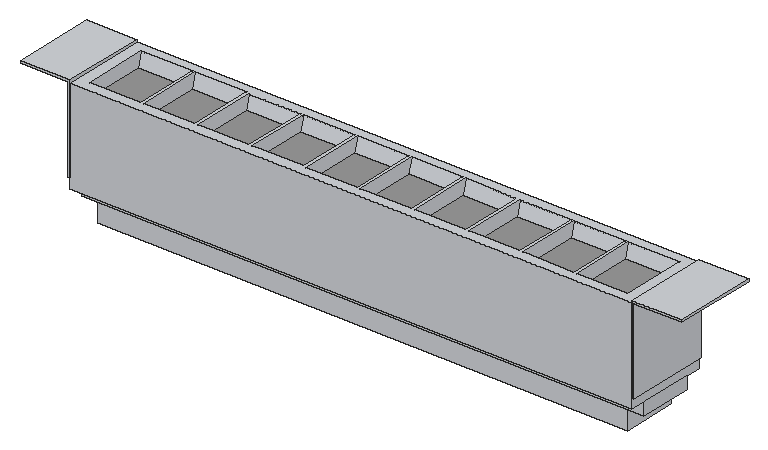
Revit family "2061199 Sylvania Lighting Fixture DOMINO 10xLED 940 BLACK MB TRIMLESS WHITE", category Lighting Fixtures, host Face, Revit 2018
Family settings
  Host = Face
  Round Connector Dimension = Use Diameter
  Part Type = Normal
  OmniClass Number = 23.80.70.00
  OmniClass Title = Lighting
  Cut with Voids When Loaded = No
  Light Source = Yes
  Shared = No
  Room Calculation Point = No
Parameters (values of type "2061199 DOMINO 10XLED 940 BLACK MB TS WHT ")
  top top width = 15.812 mm
  top top length = 255 mm
  Width = 50 mm
  Weight = "n/a"
  Wattage Comments = ""
  Wattage = 9.2903 W
  WarrantyStartDate [instance] = "n/a"
  WarrantyGuarantorParts = "n/a"
  WarrantyDurationUnit = "n/a"
  WarrantyDurationParts = ""
  WarrantyDescription = "http://www.sylvania-lighting.com"
  built-in parameter 1150110 = 1 (stored number, unit not read)
  Voltage = 0 V
  URL = "0.95"
  TypeName = "DOMINO 10xLED 940 BLACK MB TRIMLESS WHITE"
  Type Image = <None>
  Type Comments = "n/a"
  built-in parameter 1114217 = 1 (stored number, unit not read)
  Top Width = 26 mm
  Tilt Angle = 90.00°
  built-in parameter 1150109 = 1 (stored number, unit not read)
  built-in parameter 1150134 = 3
  built-in parameter 1150113 = 1 (stored number, unit not read)
  SerialNumber [instance] = "n/a"
  Recessed Width = 43 mm
  Recessed Length = 276 mm
  Photometric Web File = "2061199.ies"
  Material_3_FEILO = none
  PowerFactor = 0
  PowerConsumption = "Lighting"
  NominalLength = 41 mm
  NominalHeight = 0 mm
  NominalDepth = 0 mm
  Name = "DOMINO 10xLED 940 BLACK MB TRIMLESS WHITE"
  ModelReference = Name  # "DOMINO 10xLED 940 BLACK MB TRIMLESS WHITE"
  ModelNumber = "2061199"
  Model = Name  # "DOMINO 10xLED 940 BLACK MB TRIMLESS WHITE"
  Material = "Feilo Sylvania"
  ManufacturerName = "67 lm/W"
  Manufacturer = ""
  LuminousEfficacy = ""
  built-in parameter 1150105 = 109.82 (stored number, unit not read)
  Lumens = 1380 lm
  LuminaireType = "0"
  built-in parameter 1150115 = 1 (stored number, unit not read)
  LightOutputRatio = "LED"
  built-in parameter 1150137 = (empty or 0)
  built-in parameter 1150139 = (empty or 0)
  Lens inside recess = 25 mm
  Lens Width = 32 mm
  Lens Outside recess = 31.978 mm
  Lens = Glass, White, High Luminance
  Length = 280 mm
  LampsType = Lamp  # "n/a"
  LampNominalLuminous = "4000 K"
  LampMacAdamStep = "90"
  LampColourTemperature = "LED"
  LampColourRenderingIndex = "16500"
  built-in parameter 1150112 = 1 (stored number, unit not read)
  built-in parameter 1150114 = 1 (stored number, unit not read)
  Lamp = "n/a"
  Keynote = "n/a"
  InstallationDate [instance] = "n/a"
  InputVoltage = "0"
  InputNominalFrequency = "4000"
  built-in parameter 1150132 = (empty or 0)
  built-in parameter 1150102 = (empty or 0)
  built-in parameter 1150107 = 3200 (stored number, unit not read)
  built-in parameter 1150138 = (empty or 0)
  IngressProtection = "IfcLightFixtureType"
  ImpactProtectionIndex = "IfcLightFixtureType"
  built-in parameter 1150106 = 1.0982 (stored number, unit not read)
  IfcExportType = "IfcLightFixtureType"
  IfcExportAs = "Class II"
  Facia internal width = 37 mm
  Facia internal length = 268 mm
  Facia Height = 2 mm
  ExpectedLife = 50000
  Emit from Circle Diameter = 609.6 mm
  Emit Shape Visible in Rendering = no
  ElectricShockClassification = "67"
  built-in parameter 1150104 = 13.8 (stored number, unit not read)
  DurationUnit = "hours"
  DocumentationLiterature = "http://www.sylvania-lighting.com/product/en-int/products/2061199"
  DimmingControlOptions = "n/a"
  Material_2_FEILO = none
  Dimming Lamp Color Temperature Shift = <None>
  Description = "Modular LED recessed linear spotlight, ideal for retail and hospitality applications. Die-cast aluminium body, passive cooling. Two levels of reflector installation, low glaring UGR<16. 10x LED source, 30° beam angle , optics: PMMA lens and polycarbonate reflector combination, Black matt reflector finish. Light color temperature: 4000K neutral white, total system power: 23W , total fixture lumen output: 1525lm, efficacy: 67 lm/W, Ra90 typical, LED chromacity: 3 step MacAdam ellipse (SDCM3), lifespan: 96,000 hours at 90% of the original output (L90B10), IR/UV free light source without heat radiation, operating voltage: 220-240V / 50-60Hz, electronic driver, ultra low flicker, non-dimmable , electrical protection: Class II. Degree of Protection: IP40/IP20, suitable for indoor environment only. Ceiling cut-out: 42x42mm, outer dimensions:  272x41mm , trimless frame RAL 9016 - Traffic white / Bezel color.5 years Warranty."
  Default Elevation = 1219.2 mm
  CreatedOn = "11/02/2021"
  CreatedBy = "@sylvania-lighting.com"
  Cost = 0
  Color Filter = 16777215
  built-in parameter 1114216 [instance] = (empty or 0)
  ClassificationValue = "EF_70_80"
  ClassificationName = "Uniclass2015"
  Material_1_FEILO = none
  Body Width = 40 mm
  Body Length = 270 mm
  BarCode [instance] = "n/a"
  built-in parameter 1114218 = 1 (stored number, unit not read)
  built-in parameter 1150133 = 10 (stored number, unit not read)
  AssetType = "Fixed"
  AssetIdentifier [instance] = "n/a"
  Assembly Code = "D5020200"
  Apparent Load = 23 VA
  Material_4_FEILO = none
Reference planes
  plane 1 "Center (Front/Back)": y = 0
  plane 2: z = 0
  plane 3 "Center (Left/Right)": x = 0
  plane 4: z = 0
  plane 5: z = -7
  plane 6: z = -45.895
  plane 7: z = -51.895
  plane 8: z = -60.895
  plane 9: x = -138
  plane 10: x = 138
  plane 11: y = 21.5
  plane 12: y = -21.5
  plane 13: x = -140
  plane 14: x = 140
  plane 15: y = 25
  plane 16: y = -25
  plane 17: x = 134
  plane 18: x = -134
  plane 19: y = 18.5
  plane 20: y = -18.5
  plane 21: z = 2
  plane 22: x = -135
  plane 23: x = 135
  plane 24: y = 20
  plane 25: y = -20
  plane 26: y = 13
  plane 27: y = -13
  plane 28: x = 127.5
  plane 29: x = -127.5
  plane 30: x = -132
  plane 31: y = 16.5
  plane 32: y = -16.472
  plane 33: y = 13
  plane 34: y = -12.972
  plane 35: x = 129.7
  plane 36: x = 127.224
  plane 37: x = -136
  plane 38: z = 1
  plane 39: x = -159
  plane 40: z = -41
  plane 41: x = 159
  plane 42: x = 136
Forms (mm)
  Extrusion 1, solid, not visible, detail levels medium+fine
    sketch origin (4.2, 0, 0) x (1, 0, 0) y (0, 1, 0)
      loop
        line (-29.2, 34.5) -> (-29.2, -34.5) -> (20.8, -34.5) -> (20.8, 34.5) -> (-29.2, 34.5)
    from 0 to 1
  Extrusion 2, solid, not visible, detail levels medium+fine
    sketch origin (4.044, 0, 0) x (1, 0, 0) y (0, 1, 0)
      loop
        line (-29.2, 34.5) -> (-29.2, -34.5) -> (20.8, -34.5) -> (20.8, 34.5) -> (-29.2, 34.5)
    from 0 to 1
  Blend 3, solid, not visible, detail levels medium+fine
    base sketch origin (4.2, 0, 0) x (1, 0, 0) y (0, 1, 0)
      loop
        line (-29.2, 34.5) -> (-29.2, -34.5) -> (20.8, -34.5) -> (20.8, 34.5) -> (-29.2, 34.5)
    top sketch origin (4.2, 0, 0) x (1, 0, 0) y (0, 1, 0)
      loop
        line (-21.7, 28) -> (-21.7, -28) -> (13.3, -28) -> (13.3, 28) -> (-21.7, 28)
    from 1 to 3
  Extrusion 4, solid, not visible, detail levels medium+fine
    sketch origin (3.419, 0, 0) x (1, 0, 0) y (0, 1, 0)
      loop
        line (-29.2, 34.5) -> (-29.2, -34.5) -> (20.8, -34.5) -> (20.8, 34.5) -> (-29.2, 34.5)
    from 0 to 1
  Blend 5, solid, not visible, detail levels medium+fine
    base sketch origin (3.575, 0, 0) x (1, 0, 0) y (0, 1, 0)
      loop
        line (-29.2, 34.5) -> (-29.2, -34.5) -> (20.8, -34.5) -> (20.8, 34.5) -> (-29.2, 34.5)
    top sketch origin (3.575, 0, 0) x (1, 0, 0) y (0, 1, 0)
      loop
        line (-21.7, 28) -> (-21.7, -28) -> (13.3, -28) -> (13.3, 28) -> (-21.7, 28)
    from 1 to 3
  Extrusion 6, solid, not visible, detail levels medium+fine
    sketch origin (4.247, 0, 0) x (1, 0, 0) y (0, 1, 0)
      loop
        line (-29.2, 34.5) -> (-29.2, -34.5) -> (20.8, -34.5) -> (20.8, 34.5) -> (-29.2, 34.5)
    from 0 to 1
  Blend 7, solid, not visible, detail levels medium+fine
    base sketch origin (4.403, 0, 0) x (1, 0, 0) y (0, 1, 0)
      loop
        line (-29.2, 34.5) -> (-29.2, -34.5) -> (20.8, -34.5) -> (20.8, 34.5) -> (-29.2, 34.5)
    top sketch origin (4.403, 0, 0) x (1, 0, 0) y (0, 1, 0)
      loop
        line (-21.7, 28) -> (-21.7, -28) -> (13.3, -28) -> (13.3, 28) -> (-21.7, 28)
    from 1 to 3
  Extrusion 8, void, detail levels medium+fine
    sketch origin (4.2, 0, 0) x (0, 1, 0) y (1, 0, 0)
      loop
        line (21.5, -142.2) -> (21.5, 133.8) -> (-21.5, 133.8) -> (-21.5, -142.2) -> (21.5, -142.2)
    from -9.934 to 83.097
  Extrusion 9, solid, detail levels medium+fine
    sketch origin (4.2, 0, 0) x (1, 0, 0) y (0, 1, 0)
      loop
        line (-139.2, 20) -> (-139.2, -20) -> (130.8, -20) -> (130.8, 20) -> (-139.2, 20)
    from 0 to -45.895
  Extrusion 10, solid, detail levels medium+fine
    sketch origin (4.2, 0, 0) x (1, 0, 0) y (0, 1, 0)
      loop
        line (-139.2, 13) -> (-139.2, -13) -> (130.8, -13) -> (130.8, 13) -> (-139.2, 13)
    from -51.895 to -45.895
  Extrusion 11, solid, material "Glass, White, High Luminance" <- "Lens", detail levels fine
    sketch origin (-53.155, 1221.106, 36.156) x (1, 0, 0) y (0, 1, 0)
      loop
        line (-76.18, -1206.856) -> (-76.18, -1232.856) -> (-52.18, -1232.856) -> (-52.18, -1206.856) -> (-76.18, -1206.856)
    from -43.156 to -42.182
  Extrusion 12, solid, detail levels fine
    sketch origin (0, 0, 0) x (1, 0, 0) y (0, 0, 1)
      loop
        line (-127.5, -51.895) -> (-127.5, -60.895) -> (127.5, -60.895) -> (127.5, -51.895) -> (-127.5, -51.895)
    from -13 to 13
  Blend 13, void
    base sketch origin (-59.8, 0, 0) x (0, 1, 0) y (-1, 0, 0)
      loop
        line (16.5, 69.7) -> (-16.472, 69.7) -> (-16.472, 44.7) -> (16.5, 44.7) -> (16.5, 69.7)
    top sketch origin (-59.8, 0, 0) x (0, 1, 0) y (-1, 0, 0)
      loop
        line (13, 69.2) -> (-12.972, 69.2) -> (-12.972, 45.2) -> (13, 45.2) -> (13, 69.2)
    from 3 to -7
  Blend 14, void
    base sketch origin (18.282, 0, 0) x (0, 1, 0) y (-1, 0, 0)
      loop
        line (16.5, 69.7) -> (-16.472, 69.7) -> (-16.472, 44.7) -> (16.5, 44.7) -> (16.5, 69.7)
    top sketch origin (18.282, 0, 0) x (0, 1, 0) y (-1, 0, 0)
      loop
        line (13, 69.2) -> (-12.972, 69.2) -> (-12.972, 45.2) -> (13, 45.2) -> (13, 69.2)
    from 3 to -7
  Blend 15, void
    base sketch origin (44.284, -0.017, 0) x (0, 1, 0) y (-1, 0, 0)
      loop
        line (16.5, 69.7) -> (-16.472, 69.7) -> (-16.472, 44.7) -> (16.5, 44.7) -> (16.5, 69.7)
    top sketch origin (44.284, -0.017, 0) x (0, 1, 0) y (-1, 0, 0)
      loop
        line (13, 69.2) -> (-12.972, 69.2) -> (-12.972, 45.2) -> (13, 45.2) -> (13, 69.2)
    from 3 to -7
  Blend 16, void
    base sketch origin (70.327, 0, 0) x (0, 1, 0) y (-1, 0, 0)
      loop
        line (16.5, 69.7) -> (-16.472, 69.7) -> (-16.472, 44.7) -> (16.5, 44.7) -> (16.5, 69.7)
    top sketch origin (70.327, 0, 0) x (0, 1, 0) y (-1, 0, 0)
      loop
        line (13, 69.2) -> (-12.972, 69.2) -> (-12.972, 45.2) -> (13, 45.2) -> (13, 69.2)
    from 3 to -7
  Blend 17, void
    base sketch origin (96.351, 0, 0) x (0, 1, 0) y (-1, 0, 0)
      loop
        line (16.5, 69.7) -> (-16.472, 69.7) -> (-16.472, 44.7) -> (16.5, 44.7) -> (16.5, 69.7)
    top sketch origin (96.351, 0, 0) x (0, 1, 0) y (-1, 0, 0)
      loop
        line (13, 69.2) -> (-12.972, 69.2) -> (-12.972, 45.2) -> (13, 45.2) -> (13, 69.2)
    from 3 to -7
  Extrusion 18, solid, material "Glass, White, High Luminance" <- "Lens", detail levels fine
    sketch origin (-29.269, 1219.946, 36.156) x (1, 0, 0) y (0, 1, 0)
      loop
        line (-73.723, -1206.946) -> (-73.723, -1232.946) -> (-49.723, -1232.946) -> (-49.723, -1206.946) -> (-73.723, -1206.946)
    from -43.156 to -42.182
  Extrusion 19, solid, material "Glass, White, High Luminance" <- "Lens", detail levels fine
    sketch origin (-0.613, 1219.733, 36.156) x (1, 0, 0) y (0, 1, 0)
      loop
        line (-76.347, -1206.7) -> (-76.347, -1232.733) -> (-52.347, -1232.733) -> (-52.347, -1206.7) -> (-76.347, -1206.7)
    from -43.156 to -42.182
  Extrusion 20, solid, material "Glass, White, High Luminance" <- "Lens", detail levels fine
    sketch origin (24.387, 1218.509, 36.156) x (1, 0, 0) y (0, 1, 0)
      loop
        line (-75.305, -1205.509) -> (-75.305, -1231.509) -> (-51.305, -1231.509) -> (-51.305, -1205.509) -> (-75.305, -1205.509)
    from -43.156 to -42.182
  Extrusion 21, solid, material "Glass, White, High Luminance" <- "Lens", detail levels fine
    sketch origin (51.187, 1219.547, 36.156) x (1, 0, 0) y (0, 1, 0)
      loop
        line (-76.102, -1206.547) -> (-76.102, -1232.547) -> (-52.102, -1232.547) -> (-52.102, -1206.547) -> (-76.102, -1206.547)
    from -43.156 to -42.182
  Blend 22, void
    base sketch origin (-33.792, 0, 0) x (0, 1, 0) y (-1, 0, 0)
      loop
        line (16.5, 69.7) -> (-16.472, 69.7) -> (-16.472, 44.7) -> (16.5, 44.7) -> (16.5, 69.7)
    top sketch origin (-33.792, 0, 0) x (0, 1, 0) y (-1, 0, 0)
      loop
        line (13, 69.2) -> (-12.972, 69.2) -> (-12.972, 45.2) -> (13, 45.2) -> (13, 69.2)
    from 3 to -7
  Blend 23, void
    base sketch origin (-7.76, 0, 0) x (0, 1, 0) y (-1, 0, 0)
      loop
        line (16.5, 69.7) -> (-16.472, 69.7) -> (-16.472, 44.7) -> (16.5, 44.7) -> (16.5, 69.7)
    top sketch origin (-7.76, 0, 0) x (0, 1, 0) y (-1, 0, 0)
      loop
        line (13, 69.2) -> (-12.972, 69.2) -> (-12.972, 45.2) -> (13, 45.2) -> (13, 69.2)
    from 3 to -7
  Blend 24, void
    base sketch origin (122.411, 0, 0) x (0, 1, 0) y (-1, 0, 0)
      loop
        line (16.5, 69.7) -> (-16.472, 69.7) -> (-16.472, 44.7) -> (16.5, 44.7) -> (16.5, 69.7)
    top sketch origin (122.411, 0, 0) x (0, 1, 0) y (-1, 0, 0)
      loop
        line (13, 69.2) -> (-12.972, 69.2) -> (-12.972, 45.2) -> (13, 45.2) -> (13, 69.2)
    from 3 to -7
  Extrusion 25, solid, material "Glass, White, High Luminance" <- "Lens", detail levels fine
    sketch origin (77.265, 1219.547, 36.156) x (1, 0, 0) y (0, 1, 0)
      loop
        line (-76.102, -1206.547) -> (-76.102, -1232.547) -> (-52.102, -1232.547) -> (-52.102, -1206.547) -> (-76.102, -1206.547)
    from -43.156 to -42.182
  Extrusion 26, solid, material "Glass, White, High Luminance" <- "Lens", detail levels fine
    sketch origin (100.753, 1219.547, 36.156) x (1, 0, 0) y (0, 1, 0)
      loop
        line (-76.102, -1206.547) -> (-76.102, -1232.547) -> (-52.102, -1232.547) -> (-52.102, -1206.547) -> (-76.102, -1206.547)
    from -43.156 to -42.182
  Extrusion 27, solid, material "Glass, White, High Luminance" <- "Lens", detail levels fine
    sketch origin (129.314, 1219.547, 36.156) x (1, 0, 0) y (0, 1, 0)
      loop
        line (-76.102, -1206.547) -> (-76.102, -1232.547) -> (-52.102, -1232.547) -> (-52.102, -1206.547) -> (-76.102, -1206.547)
    from -43.156 to -42.182
  Blend 28, void
    base sketch origin (148.416, 0, 0) x (0, 1, 0) y (-1, 0, 0)
      loop
        line (16.5, 69.7) -> (-16.472, 69.7) -> (-16.472, 44.7) -> (16.5, 44.7) -> (16.5, 69.7)
    top sketch origin (148.416, 0, 0) x (0, 1, 0) y (-1, 0, 0)
      loop
        line (13, 69.2) -> (-12.972, 69.2) -> (-12.972, 45.2) -> (13, 45.2) -> (13, 69.2)
    from 3 to -7
  Extrusion 29, solid, material "Glass, White, High Luminance" <- "Lens", detail levels fine
    sketch origin (155.278, 1219.547, 36.156) x (1, 0, 0) y (0, 1, 0)
      loop
        line (-76.102, -1206.547) -> (-76.102, -1232.547) -> (-52.102, -1232.547) -> (-52.102, -1206.547) -> (-76.102, -1206.547)
    from -43.156 to -42.182
  Blend 30, void
    base sketch origin (174.42, 0, 0) x (0, 1, 0) y (-1, 0, 0)
      loop
        line (16.5, 69.7) -> (-16.472, 69.7) -> (-16.472, 44.7) -> (16.5, 44.7) -> (16.5, 69.7)
    top sketch origin (174.42, 0, 0) x (0, 1, 0) y (-1, 0, 0)
      loop
        line (13, 69.2) -> (-12.972, 69.2) -> (-12.972, 45.2) -> (13, 45.2) -> (13, 69.2)
    from 3 to -7
  Extrusion 31, solid, material "Glass, White, High Luminance" <- "Lens", detail levels fine
    sketch origin (181.434, 1219.547, 36.156) x (1, 0, 0) y (0, 1, 0)
      loop
        line (-76.214, -1206.547) -> (-76.214, -1232.547) -> (-52.214, -1232.547) -> (-52.214, -1206.547) -> (-76.214, -1206.547)
    from -43.156 to -42.182
  Extrusion 32, solid, detail levels coarse
    sketch origin (4.2, 0, 0) x (1, 0, 0) y (0, 1, 0)
      loop
        line (-163.2, 25) -> (-163.2, -25) -> (154.8, -25) -> (154.8, 25) -> (-163.2, 25)
    from -60.895 to 1
  Extrusion 33, solid, detail levels medium+fine
    sketch origin (0, 0, 0) x (1, 0, 0) y (0, 0, 1)
      loop
        line (-135, -41) -> (-135, 1) -> (-159, 1) -> (-159, 0) -> (-136, 0) -> (-136, -41) -> (-135, -41)
    from -20 to 20
  Extrusion 34, solid, detail levels medium+fine
    sketch origin (0, 0, 0) x (1, 0, 0) y (0, 0, 1)
      loop
        line (159, 1) -> (135, 1) -> (135, -41) -> (136, -41) -> (136, 0) -> (159, 0) -> (159, 1)
    from -20 to 20
Cuts and joins
  Blend 13, Blend 14, Blend 15, Blend 16, Blend 17, Blend 22, Blend 23, Blend 24, Blend 28, Blend 30 cuts Extrusion 9
  Blend 30 cuts Extrusion 29
Dimensions and locks
  "Recessed Length": plane 9 to plane 10
  equal spacing: plane 9, plane 3 "Center (Left/Right)", plane 10
  "Length": plane 13 to plane 14
  equal spacing: plane 13, plane 3 "Center (Left/Right)", plane 14
  "Recessed Width": plane 11 to plane 12
  equal spacing: plane 11, plane 1 "Center (Front/Back)", plane 12
  "Width": plane 15 to plane 16
  equal spacing: plane 15, plane 1 "Center (Front/Back)", plane 16
  "Facia internal length": plane 18 to plane 17
  equal spacing: plane 18, plane 3 "Center (Left/Right)", plane 17
  "Facia internal width": plane 19 to plane 20
  equal spacing: plane 19, plane 1 "Center (Front/Back)", plane 20
  "Facia Height": plane 21 to host face
  "Body Length": plane 22 to plane 23
  equal spacing: plane 22, plane 3 "Center (Left/Right)", plane 23
  "Body Width": plane 24 to plane 25
  equal spacing: plane 24, plane 1 "Center (Front/Back)", plane 25
  "Top Width": plane 26 to plane 27
  equal spacing: plane 26, plane 1 "Center (Front/Back)", plane 27
  "top top length": plane 29 to plane 28
  equal spacing: plane 29, plane 3 "Center (Left/Right)", plane 28  (x2)
  plane 28 to plane 29 = 255 mm
  equal spacing: plane 28, plane 3 "Center (Left/Right)", plane 29
  aligned and locked: plane 2 to host face
  aligned and locked: level to host face
  aligned and locked: Extrusion 10 to plane 7
  aligned and locked: Extrusion 9 to plane 6
  aligned and locked: Extrusion 11 to plane 5
Automatic sketch dimensions
  Extrusion 1 sketch curve to Extrusion 1 sketch curve = 50 mm
  Extrusion 1 sketch curve to Extrusion 1 sketch curve = 69 mm
  Extrusion 2 sketch curve to Extrusion 2 sketch curve = 50 mm
  Extrusion 2 sketch curve to Extrusion 2 sketch curve = 69 mm
  Blend 3 sketch curve to Blend 3 sketch curve = 50 mm
  Blend 3 sketch curve to Blend 3 sketch curve = 69 mm
  Blend 3 sketch curve to Blend 3 sketch curve = 35 mm
  Blend 3 sketch curve to Blend 3 sketch curve = 56 mm
  Extrusion 4 sketch curve to Extrusion 4 sketch curve = 50 mm
  Extrusion 4 sketch curve to Extrusion 4 sketch curve = 69 mm
  Blend 5 sketch curve to Blend 5 sketch curve = 50 mm
  Blend 5 sketch curve to Blend 5 sketch curve = 69 mm
  Blend 5 sketch curve to Blend 5 sketch curve = 35 mm
  Blend 5 sketch curve to Blend 5 sketch curve = 56 mm
  Extrusion 6 sketch curve to Extrusion 6 sketch curve = 50 mm
  Extrusion 6 sketch curve to Extrusion 6 sketch curve = 69 mm
  Blend 7 sketch curve to Blend 7 sketch curve = 50 mm
  Blend 7 sketch curve to Blend 7 sketch curve = 69 mm
  Blend 7 sketch curve to Blend 7 sketch curve = 35 mm
  Blend 7 sketch curve to Blend 7 sketch curve = 56 mm
  host sketch curve to host sketch curve = 2438.4 mm  (x2)
  Extrusion 8 sketch curve to plane 9 = 0 mm
  Extrusion 8 sketch curve to plane 12 = 0 mm
  Extrusion 8 sketch curve to plane 11 = 0 mm
  Extrusion 8 sketch curve to plane 10 = 0 mm
  Extrusion 9 sketch curve to plane 22 = 0 mm
  Extrusion 9 sketch curve to plane 23 = 0 mm
  Extrusion 9 sketch curve to plane 25 = 0 mm
  Extrusion 9 sketch curve to plane 24 = 0 mm
  Extrusion 10 sketch curve to plane 22 = 0 mm
  Extrusion 10 sketch curve to plane 23 = 0 mm
  Extrusion 10 sketch curve to plane 27 = 0 mm
  plane 26 to Extrusion 10 sketch curve = 0 mm
  plane 27 to Extrusion 11 sketch curve = 1.25 mm
  plane 26 to Extrusion 11 sketch curve = 1.25 mm
  plane 30 to Extrusion 11 sketch curve = 2.665 mm
  Extrusion 12 sketch curve to plane 8 = 0 mm
  Extrusion 12 sketch curve to plane 29 = 0 mm
  Extrusion 12 sketch curve to plane 28 = 0 mm
  Extrusion 12 sketch curve to plane 7 = 0 mm
  plane 30 to Blend 13 sketch curve = 2.5 mm
  Blend 13 sketch curve to plane 32 = 0 mm
  Blend 13 sketch curve to plane 31 = 0 mm
  Blend 13 sketch curve to plane 34 = 0 mm
  Blend 13 sketch curve to plane 26 = 0 mm
  plane 30 to Blend 13 sketch curve = 3 mm
  Blend 14 sketch curve to plane 32 = 0 mm
  Blend 14 sketch curve to plane 31 = 0 mm
  Blend 14 sketch curve to plane 34 = 0 mm
  Blend 14 sketch curve to plane 26 = 0 mm
  Blend 15 sketch curve to plane 32 = 0.017 mm
  Blend 15 sketch curve to plane 31 = 0.017 mm
  plane 27 to Blend 15 sketch curve = 0.011 mm
  Blend 15 sketch curve to plane 26 = 0.017 mm
  plane 32 to Blend 16 sketch curve = 0 mm
  plane 31 to Blend 16 sketch curve = 0 mm
  plane 34 to Blend 16 sketch curve = 0 mm
  plane 26 to Blend 16 sketch curve = 0 mm
  Blend 17 sketch curve to plane 32 = 0 mm
  Blend 17 sketch curve to plane 31 = 0 mm
  Blend 17 sketch curve to plane 34 = 0 mm
  Blend 17 sketch curve to plane 26 = 0 mm
  Extrusion 18 sketch curve to plane 27 = 0 mm
  Extrusion 18 sketch curve to plane 26 = 0 mm
  Extrusion 19 sketch curve to plane 27 = 0 mm
  plane 26 to Extrusion 19 sketch curve = 0.033 mm
  Extrusion 20 sketch curve to plane 27 = 0 mm
  Extrusion 20 sketch curve to plane 26 = 0 mm
  Extrusion 21 sketch curve to plane 27 = 0 mm
  Extrusion 21 sketch curve to plane 26 = 0 mm
  Blend 22 sketch curve to plane 32 = 0 mm
  Blend 22 sketch curve to plane 31 = 0 mm
  Blend 22 sketch curve to plane 34 = 0 mm
  Blend 22 sketch curve to plane 26 = 0 mm
  Blend 23 sketch curve to plane 32 = 0 mm
  Blend 23 sketch curve to plane 31 = 0 mm
  Blend 23 sketch curve to plane 34 = 0 mm
  Blend 23 sketch curve to plane 26 = 0 mm
  Blend 24 sketch curve to plane 32 = 0 mm
  Blend 24 sketch curve to plane 31 = 0 mm
  Blend 24 sketch curve to plane 34 = 0 mm
  Blend 24 sketch curve to plane 26 = 0 mm
  Extrusion 25 sketch curve to plane 27 = 0 mm
  Extrusion 25 sketch curve to plane 26 = 0 mm
  Extrusion 26 sketch curve to plane 27 = 0 mm
  Extrusion 26 sketch curve to plane 26 = 0 mm
  Extrusion 27 sketch curve to plane 27 = 0 mm
  Extrusion 27 sketch curve to plane 26 = 0 mm
  Blend 28 sketch curve to plane 32 = 0 mm
  Blend 28 sketch curve to plane 31 = 0 mm
  Blend 28 sketch curve to plane 34 = 0 mm
  Blend 28 sketch curve to plane 26 = 0 mm
  Extrusion 29 sketch curve to plane 27 = 0 mm
  Extrusion 29 sketch curve to plane 26 = 0 mm
  Blend 30 sketch curve to plane 32 = 0 mm
  Blend 30 sketch curve to plane 31 = 0 mm
  plane 28 to Blend 30 sketch curve = 2.22 mm
  Blend 30 sketch curve to plane 34 = 0 mm
  Blend 30 sketch curve to plane 26 = 0 mm
  plane 28 to Blend 30 sketch curve = 1.72 mm
  plane 27 to Extrusion 31 sketch curve = 0 mm
  plane 26 to Extrusion 31 sketch curve = 0 mm
  plane 28 to Extrusion 31 sketch curve = 1.72 mm
  Extrusion 19 sketch curve to Extrusion 19 sketch curve = 24 mm
  Blend 23 sketch curve to Blend 23 sketch curve = 24 mm
  plane 29 to Extrusion 11 sketch curve = 22.165 mm
  plane 29 to Blend 13 sketch curve = 23 mm
  plane 29 to Blend 13 sketch curve = 22.5 mm
  plane 29 to Extrusion 18 sketch curve = 24.508 mm
  Extrusion 18 sketch curve to Extrusion 18 sketch curve = 24 mm
  plane 29 to Blend 22 sketch curve = 49.008 mm
  plane 29 to Blend 22 sketch curve = 24.008 mm
  plane 29 to Blend 22 sketch curve = 48.508 mm
  Blend 22 sketch curve to Blend 22 sketch curve = 24 mm
  Blend 23 sketch curve to Blend 23 sketch curve = 25 mm
  Blend 14 sketch curve to Blend 14 sketch curve = 25 mm
  Blend 14 sketch curve to Blend 14 sketch curve = 24 mm
  plane 29 to Extrusion 19 sketch curve = 50.54 mm
  Extrusion 20 sketch curve to Extrusion 20 sketch curve = 24 mm
  Blend 14 sketch curve to plane 3 "Center (Left/Right)" = 26.418 mm
  Blend 14 sketch curve to plane 3 "Center (Left/Right)" = 26.918 mm
  Blend 15 sketch curve to plane 3 "Center (Left/Right)" = 0.416 mm
  Blend 15 sketch curve to Blend 15 sketch curve = 25 mm
  Blend 15 sketch curve to plane 3 "Center (Left/Right)" = 0.916 mm
  Blend 15 sketch curve to Blend 15 sketch curve = 24 mm
  plane 3 "Center (Left/Right)" to Blend 16 sketch curve = 0.627 mm
  plane 3 "Center (Left/Right)" to Blend 16 sketch curve = 1.127 mm
  Extrusion 20 sketch curve to plane 3 "Center (Left/Right)" = 50.918 mm
  Extrusion 21 sketch curve to plane 3 "Center (Left/Right)" = 24.916 mm
  Extrusion 21 sketch curve to plane 3 "Center (Left/Right)" = 0.916 mm
  Blend 23 sketch curve to plane 3 "Center (Left/Right)" = 52.46 mm
  Blend 23 sketch curve to plane 3 "Center (Left/Right)" = 52.96 mm
  plane 3 "Center (Left/Right)" to Extrusion 25 sketch curve = 1.162 mm
  Blend 16 sketch curve to Blend 16 sketch curve = 25 mm
  Blend 16 sketch curve to Blend 16 sketch curve = 24 mm
  plane 3 "Center (Left/Right)" to Blend 17 sketch curve = 51.651 mm
  Blend 17 sketch curve to Blend 17 sketch curve = 25 mm
  plane 3 "Center (Left/Right)" to Blend 17 sketch curve = 51.151 mm
  Blend 17 sketch curve to Blend 17 sketch curve = 24 mm
  Blend 24 sketch curve to plane 36 = 49.513 mm
  Blend 24 sketch curve to Blend 24 sketch curve = 25 mm
  Blend 24 sketch curve to plane 36 = 50.013 mm
  Blend 24 sketch curve to Blend 24 sketch curve = 24 mm
  Extrusion 25 sketch curve to Extrusion 25 sketch curve = 24 mm
  plane 3 "Center (Left/Right)" to Extrusion 26 sketch curve = 24.651 mm
  Extrusion 26 sketch curve to Extrusion 26 sketch curve = 24 mm
  plane 3 "Center (Left/Right)" to Extrusion 27 sketch curve = 53.211 mm
  Extrusion 27 sketch curve to Extrusion 27 sketch curve = 24 mm
  Blend 28 sketch curve to plane 36 = 23.508 mm
  Blend 28 sketch curve to Blend 28 sketch curve = 25 mm
  Blend 28 sketch curve to plane 36 = 24.008 mm
  Blend 28 sketch curve to Blend 28 sketch curve = 24 mm
  Extrusion 29 sketch curve to plane 36 = 48.048 mm
  Extrusion 29 sketch curve to Extrusion 29 sketch curve = 24 mm
  Blend 30 sketch curve to plane 36 = 22.504 mm
  Blend 30 sketch curve to plane 36 = 22.004 mm
  Extrusion 31 sketch curve to plane 36 = 22.004 mm
  Extrusion 32 sketch curve to plane 13 = 19 mm
  plane 14 to Extrusion 32 sketch curve = 19 mm
  Extrusion 32 sketch curve to plane 16 = 0 mm
  Extrusion 32 sketch curve to plane 15 = 0 mm
  Extrusion 33 sketch curve to level = 0 mm
  Extrusion 33 sketch curve to plane 39 = 0 mm
  Extrusion 33 sketch curve to plane 37 = 0 mm
  Extrusion 33 sketch curve to plane 22 = 0 mm
  Extrusion 33 sketch curve to plane 40 = 0 mm
  Extrusion 33 sketch curve to plane 38 = 0 mm
  Extrusion 34 sketch curve to plane 23 = 0 mm
  Extrusion 34 sketch curve to plane 40 = 0 mm
  Extrusion 34 sketch curve to plane 42 = 0 mm
  Extrusion 34 sketch curve to plane 41 = 0 mm
  Extrusion 34 sketch curve to level = 0 mm
  Extrusion 34 sketch curve to plane 38 = 0 mm
Connectors
  electrical at (0, 0, -60.895)
    settings: on Extrusion 12, index 1, voltage 0 V, apparent load 0 VA, apparent load phase1 0 VA, apparent load phase2 0 VA, apparent load phase3 0 VA, power factor 1, load classification "Other", number of poles 1, system type 31, power factor state 1, is connector primary yes, connector utility no, sub classification motor no, connector description ""
